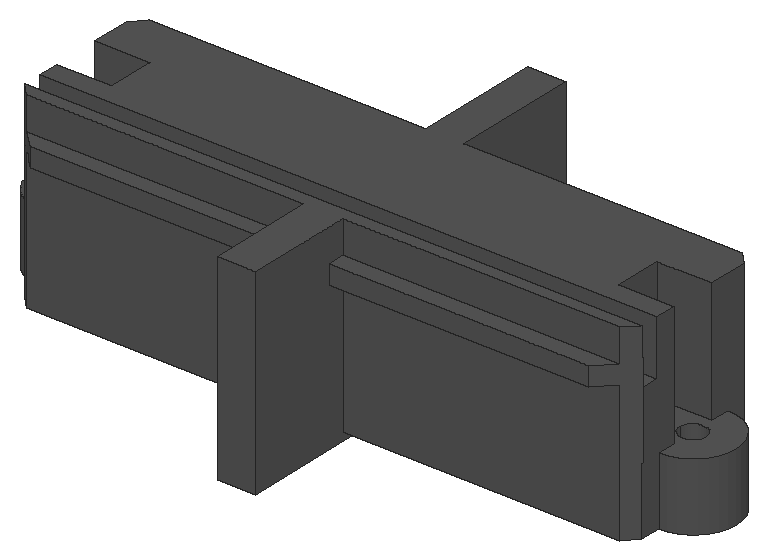
Revit family "Lighting_Other_Nordlux_Link_Connect", category Lighting Fixtures, host Face, Revit 2017
Family settings
  Host = Face
  Round Connector Dimension = Use Diameter
  Part Type = Normal
  OmniClass Number = 23.80.70.11.14.21
  OmniClass Title = Spots and Tracklight Specialties
  Cut with Voids When Loaded = No
  Light Source = No
  Shared = No
  Room Calculation Point = No
Parameters (values of type "Link System Connect - black")
  WarrantyStartDate [instance] = "n/a"
  WarrantyGuarantorParts = "n/a"
  WarrantyGuarantorLabor = "n/a"
  WarrantyDurationUnit = "Year"
  WarrantyDurationParts = "n/a"
  WarrantyDurationLabor = "n/a"
  WarrantyDescription = "n/a"
  VersionDate = "29/08/2019"  # constant formula
  Version = "1"  # constant formula
  UsageCurrent = 0 A
  Uniclass2015Reference = "Pr_70_70_48_47"
  Uniclass2015Description = "Lighting tracks"
  Uniclass2 = "Pr_70_70_49_44"
  URL = "https://www.nordlux.com/products/product/79059903"
  Type Comments = ""
  TotalWattage = 690 W
  TagNumber [instance] = "n/a"
  SustainabilityPerformance = "n/a"
  Size = "65x35x18 mm"
  Shape = "Rectangular"
  SerialNumber [instance] = "n/a"
  Revision = "n/a"
  ReplacementCost = "n/a"
  RailMainMaterial = Black
  ProductInformation = "Black junction used for connecting multiple tracks from the Link system. The junction is mounted at the track end caps to form a longer track."
  Product data url = "https://www.bimobject.com/nordlux/product/link_system_connect"
  PhaseReference = "n/a"
  PhaseAngle = 0.00°
  NumberOfSources = 0
  NumberOfPoles = 1
  NominalWidth = 63.503 mm
  NominalVoltage = 230 V
  NominalHeight = 18 mm
  NominalFrequencyRange = 0 Hz
  NominalDepth = 35 mm
  NominalCurrent = 0 A
  Name = "Nordlux_Link_Connect"
  NBSReference = "90-60-50-430"
  NBSDescription = "Lighting tracks"
  ModelReference = "n/a"
  ModelNumber = ArticleNumber  # "79059903"
  Model = "Link System Connect - black"
  Material = "Plastic"
  ManufacturersSpecificInformation = "n/a"
  ManufacturerURL = "https://www.nordlux.com/"
  ManufacturerName = "Nordlux"
  Manufacturer = "Nordlux"
  MaintenanceFactor = 0
  LightFixturePlacingType = "Ceiling"
  LightFixtureMountingType = "Surface"
  InsulationStandardClass = "Class 1 (Earth contact)"
  InstallationDate [instance] = "n/a"
  IfcExportType = "NOTDEFINED"  # constant formula
  IfcExportAs = "IfcLightFixtureType"  # constant formula
  IP_Code = "IP20"
  HasProtectiveEarth = no
  Grade = "n/a"
  Finish = "n/a"
  Features = "n/a"
  ExpectedLife = "n/a"
  ElectricalDeviceNominalPower = 0 VA
  EAN Number = "5701581356788"
  DurationUnit = "Year"
  Description = "Black junction used for connecting multiple tracks from the Link system. The junction is mounted at the track end caps to form a longer track."
  Default Elevation = 0 mm
  ConvergoRefNr = "0143-1909-0036-DK"
  Constituents = "n/a"
  Color = "Black"
  CodePerformance = "n/a"
  Category = "Power strip"
  Brand = "Nordlux"
  Barcode [instance] = "n/a"
  BIMObjectName = "Lighting_Other_Nordlux_Link_Connect"
  Author = "Convergo AB"  # constant formula
  AssetType = "Fixed"
  AssetIdentifier [instance] = "n/a"
  Assembly Code = ""
  ArticleNumber = "79059903"
  AccessibilityPerformance = "n/a"
Types (3, lengths in mm): name | URL | RailMainMaterial | ProductInformation | ModelNumber | Model | EAN Number | Description | Color | ArticleNumber
  (no name) | "https://www.nordlux.com/products/product/79059903" | Black | "Black junction used for connecting multiple tracks from the Link system. The junction is mounted at the track end caps to form a longer track." | "79059903" | "Link System Connect - black" | "5701581356788" | "Black junction used for connecting multiple tracks from the Link system. The junction is mounted at the track end caps to form a longer track." | "Black" | "79059903"
  Link System Connect - black | "https://www.nordlux.com/products/product/79059903" | Black | "Black junction used for connecting multiple tracks from the Link system. The junction is mounted at the track end caps to form a longer track." | "79059903" | "Link System Connect - black" | "5701581356788" | "Black junction used for connecting multiple tracks from the Link system. The junction is mounted at the track end caps to form a longer track." | "Black" | "79059903"
  Link System Connect - white | "https://www.nordlux.com/products/product/79059901" | White | "White junction used for connecting multiple tracks from the Link system. The junction is mounted at the track end caps to form a longer track." | "79059901" | "Link System Connect - white" | "5701581273184" | "White junction used for connecting multiple tracks from the Link system. The junction is mounted at the track end caps to form a longer track." | "White" | "79059901"
Reference planes
  plane 1 "Center (Front/Back)": y = 0
  plane 2: z = 0
  plane 3 "Center (Left/Right)": x = 0
  plane 4: x = -31.751
  plane 5: x = 31.751
  plane 6: y = 17.5
  plane 7: y = -17.5
  plane 8: z = 18
Dimensions and locks
  equal spacing: plane 4, plane 3 "Center (Left/Right)", plane 5
  "NominalWidth": plane 4 to plane 5
  equal spacing: plane 6, plane 1 "Center (Front/Back)", plane 7
  "NominalDepth": plane 6 to plane 7
  "NominalHeight": plane 8 to level
  aligned and locked: plane 2 to host face
  aligned and locked: level to host face
Automatic sketch dimensions
  host sketch curve to host sketch curve = 2438.4 mm  (x2)
Nested families
  nested 1: "Connect" at (0, 0, 0), Main <- "RailMainMaterial", type "Connect"
    with Main Black
Definition of nested family "Connect"
  Parameters (values of type "Connect")
    Main [instance] = none
    Default Elevation = 1219.2 mm
  Reference planes
    plane 1 "Center (Front/Back)": y = 0
    plane 2: z = 0
    plane 3 "Center (Left/Right)": x = 0
    plane 4: y = 17.5
    plane 5: y = -17.5
    plane 6: z = 18
    plane 7: x = -31.751
    plane 8: x = 31.751
  Forms (mm)
    Extrusion 1, solid
      sketch origin (0, 0, 0) x (1, 0, 0) y (0, 1, 0)
        loop
          line (-1219.2, 1219.2) -> (-1219.2, -1219.2) -> (1219.2, -1219.2) -> (1219.2, 1219.2) -> (-1219.2, 1219.2)
      from 0 to -304.8
    Extrusion 2, solid, material <- "Main", detail levels medium+fine
      sketch origin (0, 0, 0) x (0, 1, 0) y (0, 0, 1)
        loop
          line (-7.706, 18) -> (-7.706, 15.016) -> (-9.255, 15.016) -> (-9.255, 13.322) -> (-7.706, 13.322) -> (-7.706, 0.773) -> (5.995, 0.773) -> (5.995, 13.322) -> (7.545, 13.322) -> (7.545, 14.308) -> (5.995, 14.308) -> (5.995, 18) -> (-4.936, 18) -> (-4.936, 13) -> (-6.57, 13) -> (-6.57, 18) -> (-7.706, 18)
      from -27.831 to 27.841
    Extrusion 3, void
      sketch origin (0, 0, 0) x (1, 0, 0) y (0, 1, 0)
        loop
          line (-24.279, 8.451) -> (-29.191, 8.451) -> (-29.191, 3.537) -> (-24.279, 8.451)
        loop
          line (-24.27, -10.166) -> (-29.191, -5.246) -> (-29.191, -10.166) -> (-24.27, -10.166)
        loop
          line (-29.191, 1.294) -> (-29.191, -3.005) -> (-22.893, -3.005) -> (-22.893, 1.294) -> (-29.191, 1.294)
        loop
          line (24.279, 8.451) -> (29.191, 3.537) -> (29.191, 8.451) -> (24.279, 8.451)
        loop
          line (24.27, -10.166) -> (29.191, -10.166) -> (29.191, -5.246) -> (24.27, -10.166)
        loop
          line (29.191, 1.294) -> (22.893, 1.294) -> (22.893, -3.005) -> (29.191, -3.005) -> (29.191, 1.294)
      from -16.801 to 250
    Extrusion 4, solid, material <- "Main", detail levels medium+fine
      sketch origin (0, 0, 0) x (1, 0, 0) y (0, 1, 0)
        loop
          line (-27.854, -4.762) -> (-20.215, -4.762) -> (-20.215, 3.033) -> (-27.854, 3.033)
          arc (-27.854, 3.033) -> (-31.751, -0.864) -> (-27.854, -4.762) r 3.897
        loop
          circle (-27.854, -0.864) r 1.2
        loop
          arc (27.854, -4.762) -> (31.751, -0.864) -> (27.854, 3.033) r 3.897
          line (27.854, 3.033) -> (21.517, 3.033) -> (21.517, -4.762) -> (27.854, -4.762)
        loop
          circle (27.854, -0.864) r 1.2
      from 0.771 to 6.921
    Extrusion 5, solid, material <- "Main", detail levels medium+fine
      sketch origin (0, 0, 0) x (0, 1, 0) y (0, 0, 1)
        loop
          line (17.5, 18) -> (-17.5, 18) -> (-17.5, 0) -> (17.5, 0) -> (17.5, 18)
      from -1.75 to 1.7
    Extrusion 6, void
      sketch origin (0, 0, 0) x (0, 1, 0) y (0, 0, 1)
        loop
          line (-4.936, 22.615) -> (-6.57, 22.615) -> (-6.57, 13) -> (-4.936, 13) -> (-4.936, 22.615)
      from -9.112 to 5.997
    Extrusion 7, solid, material <- "Main", detail levels coarse
      sketch origin (0, 0, 0) x (1, 0, 0) y (0, 1, 0)
        loop
          line (-31.751, 17.5) -> (-31.751, -17.5) -> (31.751, -17.5) -> (31.751, 17.5) -> (-31.751, 17.5)
      from 0 to 18
  Cuts and joins
    Extrusion 3 cuts Extrusion 2
    Extrusion 6 cuts Extrusion 5
    joined: Extrusion 2, Extrusion 4, Extrusion 5
  Lines and regions (mm)
    symbolic lines, detail levels medium+fine
      curve 1: line (0, 17.5, 18) -> (0, -17.5, 18)
      curve 2: line (0, 17.5, 0) -> (0, 17.5, 18)
      curve 3: line (0, -17.5, 0) -> (0, 17.5, 0)
      curve 4: line (0, -17.5, 18) -> (0, -17.5, 0)
      curve 5: line (-1.75, 0, 18) -> (1.7, 0, 18)
      curve 6: line (-1.75, 0, 0) -> (-1.75, 0, 18)
      curve 7: line (1.7, 0, 0) -> (-1.75, 0, 0)
      curve 8: line (1.7, 0, 18) -> (1.7, 0, 0)
      curve 9: line (-1.75, 17.5, 0) -> (-1.75, 6.431, 0)
      curve 10: line (1.7, 17.5, 0) -> (-1.75, 17.5, 0)
      curve 11: line (1.7, -17.5, 0) -> (1.7, -8.057, 0)
      curve 12: line (-1.75, -17.5, 0) -> (1.7, -17.5, 0)
      curve 15: line (1.7, -8.057, 0) -> (26.379, -8.057, 0)
      curve 16: line (1.7, 6.431, 0) -> (26.298, 6.431, 0)
      curve 17: line (26.298, 6.431, 0) -> (27.841, 4.887, 0)
      curve 18: line (27.84, -6.597, 0) -> (26.379, -8.057, 0)
      curve 19: arc (27.84, -4.762, 0) -> (31.751, -0.865, 0) -> (27.841, 3.033, 0) r 3.897
      curve 23: line (27.841, 3.033, 0) -> (27.841, 4.887, 0)
      curve 24: line (27.84, -4.762, 0) -> (27.84, -6.597, 0)
      curve 29: line (-1.75, -8.057, 0) -> (-26.379, -8.057, 0)
      curve 30: line (-1.75, 6.431, 0) -> (-26.298, 6.431, 0)
      curve 31: line (-26.298, 6.431, 0) -> (-27.841, 4.887, 0)
      curve 32: line (-27.84, -6.597, 0) -> (-26.379, -8.057, 0)
      curve 33: arc (-27.84, -4.762, 0) -> (-31.751, -0.865, 0) -> (-27.841, 3.033, 0) r 3.897
      curve 37: line (-27.841, 3.033, 0) -> (-27.841, 4.887, 0)
      curve 38: line (-27.84, -4.762, 0) -> (-27.84, -6.597, 0)
      curve 41: line (1.7, 6.431, 0) -> (1.7, 17.5, 0)
      curve 42: line (-1.75, -8.057, 0) -> (-1.75, -17.5, 0)
    symbolic lines, detail levels fine
      curve 13: line (27.841, 1.294, 0) -> (27.841, 3.033, 0)
      curve 14: line (27.84, -3.005, 0) -> (27.84, -4.762, 0)
      curve 20: line (27.841, 1.294, 0) -> (22.893, 1.294, 0)
      curve 21: line (22.893, 1.294, 0) -> (22.893, -3.005, 0)
      curve 22: line (22.893, -3.005, 0) -> (27.84, -3.005, 0)
      curve 25: arc (26.654, -0.864, 0) -> (27.854, 0.336, 0) -> (29.054, -0.864, 0) r 1.2
      curve 26: arc (29.054, -0.864, 0) -> (27.854, -2.064, 0) -> (26.654, -0.864, 0) r 1.2
      curve 27: line (-27.841, 1.294, 0) -> (-27.841, 3.033, 0)
      curve 28: line (-27.84, -3.005, 0) -> (-27.84, -4.762, 0)
      curve 34: line (-27.841, 1.294, 0) -> (-22.893, 1.294, 0)
      curve 35: line (-22.893, 1.294, 0) -> (-22.893, -3.005, 0)
      curve 36: line (-22.893, -3.005, 0) -> (-27.84, -3.005, 0)
      curve 39: arc (-26.654, -0.864, 0) -> (-27.854, 0.336, 0) -> (-29.054, -0.864, 0) r 1.2
      curve 40: arc (-29.054, -0.864, 0) -> (-27.854, -2.064, 0) -> (-26.654, -0.864, 0) r 1.2
      curve 43: line (-27.84, -4.936, 0) -> (27.84, -4.936, 0)
      curve 44: line (27.841, -6.57, 0) -> (-27.84, -6.57, 0)
  Dimensions and locks
    aligned and locked: plane 2 to Extrusion 1
    aligned and locked: level to Extrusion 1
